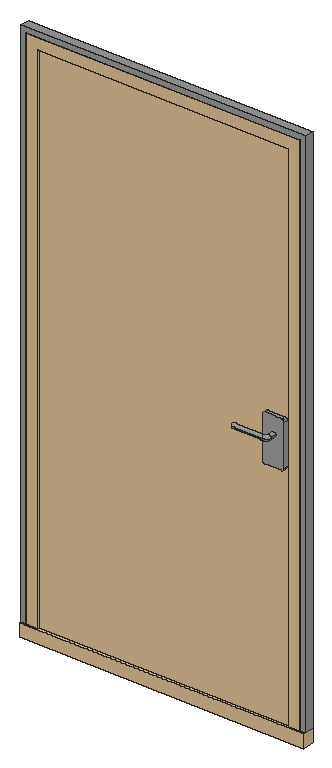
Revit family "AVLN_Дверь_Однопольная_деревянная", category Двери, Revit 2021
Family settings
  Основа = Стена
  Номер OmniClass = 23.30.10.00
  Заголовок OmniClass = Doors
  Всегда вертикально = Да
  При загрузке вырезать с полостями = Нет
  Общий = Нет
  Точка принадлежности помещению = Нет
Parameters (values of type "1100х2070(h)_П_ПУИ")
  Ширина полотна [instance] = Width - Монтажный зазор * 2 - Коробка толщина * 2  # 990 mm
  Тонкая линия проема = yes
  Толщина = 30 mm  # constant formula
  Тип конструкций = "Дверь деревянная"
  Стекло.Толщина = 15 mm
  Стекло.Отступ.Снизу = 1200 mm
  Стекло.Отступ.Слева/Справа = 100 mm
  Стекло.Отступ.Сверху = 100 mm
  Стекло = not([Глухая/Остекленная])  # no
  С1 [instance] = if(Смещение проема = 0 mm, 10 mm, 0 mm)  # 0 mm
  Порог_наружный_смещение [instance] = 17.5 mm
  Порог_внутренний_смещение [instance] = 42.5 mm
  Порог_внутренний [instance] = yes
  Порог [instance] = yes
  Определить тепловые свойства по = Тип схем
  Описание = "Дверь деревянная глухая межкомнатаная"
  Смещение проема [instance] = 50 mm
  Смещение внутрь = 0 mm
  Ручка смещение = 60 mm  # constant formula
  Ручка высота = 1000 mm  # constant formula
  Рабочая зона = no
  Rough Width = Width - Монтажный зазор * 2  # 1060 mm
  Rough Height = Height - Монтажный зазор  # 2050 mm
  Правая = yes
  Окрывание 30° = yes
  Монтажный зазор = 20 mm  # constant formula
  Матиал_Коробка = ADSK_Древесина_Береза мореная
  Материал_Рабочая зона = none
  Материал_Полотно = ADSK_Древесина_Береза мореная
  Материал_Монтажный зазор = Монтажный зазор
  Материал_Стекло = Остекление
  Материал_Дверной ручки = По умолчанию
  Левая = not(Правая)  # no
  Коробка.Доп.Ширина = 10 mm  # constant formula
  Коробка толщина = 35 mm  # constant formula
  Комментарии к типоразмеру = "Двери внутренние"
  Заполнение под проемом_Видимость [instance] = if(Смещение проема = 0 mm, 1 = 0, 1 = 1)  # yes
  Функция = Внутренние слои
  Model = ""
  Глухая = [Глухая/Остекленная]  # yes
  Глухая/Остекленная = yes
  Height = 2070 mm
  Замыкание стены = По основе
  Width = 1100 mm
  Аналитическая конструкция = "<Нет>"
  АВЛН_Проем_Ширина [instance] = Width  # 1100 mm
  АВЛН_Проем_Высота [instance] = Height + Смещение проема  # 2120 mm
  ADSK_Примечание [instance] = ""
  ADSK_Позиция [instance] = ""
  ADSK_Обозначение = "ГОСТ 475-2016"
  ADSK_Наименование = "ГОСТ 475-2016"
  ADSK_Масса = 0
  ADSK_Марка [instance] = ""
  ADSK_Количество [instance] = 0
  ADSK_Единица измерения [instance] = ""
Types (3, lengths in mm): name | Правая | Левая | Комментарии к типоразмеру | Model | ADSK_Обозначение
  1100х2070(h)_П_ПУИ | yes | no | "Двери внутренние" | "" | "ГОСТ 475-2016"
  1100х2070(h)_П | yes | no | "Дверь с/у БКТ" | "Дверь" | "ДМ 1 Рл Г ПрБ Мд1"
  1100х2070(h)_Л | no | yes | "Дверь с/у БКТ" | "Дверь" | "ДМ 1 Рл Г ПрБ Мд1"
Reference planes
  plane 1: y = 0
  plane 2 "По центру (Влево/Вправо)": x = 0
  plane 3 "Слева": x = -550
  plane 4 "Справа": x = 550
  plane 5: z = 2070
  plane 6 "Наружный": y = 150
  plane 7 "Внутренние": y = -150
  plane 8: z = -50
  plane 9: x = -530
  plane 10: x = 530
  plane 11: x = 495
  plane 12: x = -495
  plane 13: z = 2050
  plane 14: z = 2015
  plane 15 "Полотно_Н": y = 150
  plane 16 "Полотно_В": y = 120
  plane 17: z = -100
  plane 18: x = -435
  plane 19: x = 435
  plane 20: z = 1000
  plane 21: z = 1035
  plane 22 "Короб_В": y = 115
  plane 23: x = -485
  plane 24: x = 485
  plane 25: z = 2005
  plane 26: y = 1250
  plane 27: x = 395
  plane 28: z = 1915
  plane 29: x = -395
  plane 30: z = 1200
  plane 31: y = 135
  plane 32: y = 142.5
  plane 33: y = 127.5
  plane 34: y = 167.5
  plane 35: y = -192.5
  plane 36: z = -50
Forms (mm)
  Extrusion 1, solid, material "ADSK_Древесина_Береза мореная" <- "Материал_Полотно", visible <- "Стекло", detail levels fine
    sketch origin (0, 150, 0) x (1, 0, 0) y (0, 0, 1)
      loop
        line (495, 2015) -> (-495, 2015) -> (-495, 0) -> (495, 0) -> (495, 2015)
      loop
        line (395, 1915) -> (-395, 1915) -> (-395, 1200) -> (395, 1200) -> (395, 1915)
    from 0 to 30
  Extrusion 2, solid, material "ADSK_Древесина_Береза мореная" <- "Матиал_Коробка", visible <- "Заполнение под проемом_Видимость", detail levels fine
    sketch origin (0, 150, 0) x (1, 0, 0) y (0, 0, 1)
      loop
        line (550, 0) -> (-550, 0) -> (-550, -50) -> (550, -50) -> (550, 0)
    from 0 to 40
  Extrusion 3, solid, material "Монтажный зазор" <- "Материал_Монтажный зазор"
    sketch origin (0, -150, 0) x (1, 0, 0) y (0, 0, 1)
      loop
        line (-550, 0) -> (-530, 0) -> (-530, 2050) -> (530, 2050) -> (530, 0) -> (550, 0) -> (550, 2070) -> (-550, 2070) -> (-550, 0)
    from -300 to -265
  Sweep 4, solid, material "ADSK_Древесина_Береза мореная" <- "Матиал_Коробка"
    path origin (0, 150, 0) x (-1, 0, 0) y (0, 0, 1)
      loop
        line (495, 0) -> (495, 2015) -> (-495, 2015) -> (-495, 0)
    profile origin (-495, 150, 1007.5) x (0, 1, 0) y (-1, 0, 0)
      loop
        line (0, 35) -> (-35, 35) -> (-35, -10) -> (-30, -10) -> (-30, 0) -> (0, 0) -> (0, 35)
  Extrusion 5, void
    sketch origin (0, 0, 0) x (1, 0, 0) y (0, 1, 0)
      loop
        line (-550, 1250) -> (-550, 150) -> (550, 150) -> (550, 1250) -> (-550, 1250)
    from 0 to 2070
  Extrusion 6, solid, material "Остекление" <- "Материал_Стекло", visible <- "Стекло", detail levels fine
    sketch origin (0, 150, 0) x (1, 0, 0) y (0, 0, 1)
      loop
        line (395, 1915) -> (-395, 1915) -> (-395, 1200) -> (395, 1200) -> (395, 1915)
    from 7.5 to 22.5
  Extrusion 7, solid, material "ADSK_Древесина_Береза мореная" <- "Материал_Полотно", visible <- "Глухая"
    sketch origin (0, 150, 0) x (1, 0, 0) y (0, 0, 1)
      loop
        line (495, 2015) -> (-495, 2015) -> (-495, 0) -> (495, 0) -> (495, 2015)
    from 0 to 30
Lines and regions (mm)
  Opening 1
    outline origin (-3050, -150, 0) x (1, 0, 0) y (0, 0, 1)
      loop
        line (2500, -50) -> (3600, -50) -> (3600, 2070) -> (2500, 2070) -> (2500, -50)
  Masking region 1, visible <- "Тонкая линия проема"
    outline origin (95, 0, 0) x (1, 0, 0) y (0, 1, 0)
      loop
        line (-623.555, 160) -> (-645, 150) -> (-645, -150) -> (-645, -175) -> (455, -175) -> (455, -150) -> (455, 150) -> (440.719, 160) -> (-623.555, 160)
  model lines, style "Открывание_Внутрь", visible <- "Левая"
    curve 1: line (485, 120, 2005) -> (-485, 120, 1035)
    curve 2: line (-485, 120, 1035) -> (485, 120, 0)
  model lines, style "Открывание_Внутрь", visible <- "Правая"
    curve 3: line (-485, 120, 0) -> (485, 120, 1035)
    curve 4: line (485, 120, 1035) -> (-485, 120, 2005)
  model lines, style "Открывание_Наружу", visible <- "Правая"
    curve 5: line (-495, 150, 0) -> (485, 150, 1035)
    curve 6: line (485, 150, 1035) -> (-495, 150, 2015)
  model lines, style "Открывание_Наружу", visible <- "Левая"
    curve 7: line (495, 150, 2015) -> (-485, 150, 1035)
    curve 8: line (-485, 150, 1035) -> (495, 150, 0)
  model lines, style "Рабочая зона", visible <- "Рабочая зона"
    curve 9: line (-550, 150, 0) -> (-550, 1250, 0)
    curve 10: line (-550, 1250, 0) -> (550, 1250, 0)
    curve 11: line (550, 150, 0) -> (550, 1250, 0)
  symbolic lines, style "Порог", visible <- "Порог"
    curve 12: line (-550, 167.5, 0) -> (550, 167.5, 0)
  symbolic lines, style "Порог", visible <- "Порог_внутренний"
    curve 13: line (-550, -192.5, 0) -> (550, -192.5, 0)
Text (mm)
  text "Наружный" at (-2295.016, 1099.543, 0), in view "Опорный уровень"
  text "Наружный" at (0, 1615.38, 3698.081), in view "Слева"
  text "Наружный" at (0, 1036.032, 3874.932), in view "Справа"
Dimensions and locks
  equal spacing: plane 3 "Слева", plane 2 "По центру (Влево/Вправо)", plane 4 "Справа"
  "Width": plane 3 "Слева" to plane 4 "Справа"
  host wall to plane 5 = 2534.966 mm  (x2)
  locked: plane 6 "Наружный" to host wall
  locked: plane 7 "Внутренние" to host wall
  plane 8 to level = 50 mm
  "Height": level to plane 5
  "Монтажный зазор": plane 3 "Слева" to plane 9
  "Монтажный зазор": plane 10 to plane 4 "Справа"
  "Смещение внутрь": plane 15 "Полотно_Н" to plane 6 "Наружный"
  "Толщина": plane 15 "Полотно_Н" to plane 16 "Полотно_В"
  level to plane 17 = 100 mm
  "Монтажный зазор": plane 13 to plane 5
  "Коробка толщина": plane 14 to plane 13
  "Коробка толщина": plane 12 to plane 9
  "Коробка толщина": plane 11 to plane 10
  "Смещение проема": level to plane 8
  "Ручка высота": level to plane 20
  "Ручка смещение": plane 12 to plane 18
  "Ручка смещение": plane 19 to plane 11
  equal spacing: level, plane 21, plane 5
  equal spacing: plane 7 "Внутренние", plane 1, plane 6 "Наружный"
  "Коробка толщина": plane 15 "Полотно_Н" to plane 22 "Короб_В"
  "Коробка.Доп.Ширина": plane 12 to plane 23
  "Коробка.Доп.Ширина": plane 24 to plane 11
  "Коробка.Доп.Ширина": plane 14 to plane 25
  "Width": plane 26 to plane 15 "Полотно_Н"
  "Стекло.Отступ.Слева/Справа": plane 27 to plane 11
  "Стекло.Отступ.Слева/Справа": plane 12 to plane 29
  "Стекло.Отступ.Сверху": plane 28 to plane 14
  "Стекло.Отступ.Снизу": level to plane 30
  equal spacing: plane 15 "Полотно_Н", plane 31, plane 16 "Полотно_В"
  equal spacing: plane 33, plane 31, plane 32
  "Стекло.Толщина": plane 33 to plane 32
  "Порог_внутренний_смещение": plane 35 to plane 7 "Внутренние"
  "Порог_наружный_смещение": plane 34 to plane 15 "Полотно_Н"
  "С1": plane 8 to plane 36
  aligned and locked: plane 3 "Слева" to Opening 1 sketch curve
  aligned and locked: Opening 1 sketch curve to plane 4 "Справа"
  aligned and locked: plane 1 to host wall
  aligned and locked: plane 8 to Opening 1 sketch curve
  aligned and locked: Extrusion 1 to plane 16 "Полотно_В"
  aligned and locked: plane 15 "Полотно_Н" to Extrusion 1
  aligned and locked: level to Extrusion 2 sketch curve
  aligned and locked: Extrusion 2 sketch curve to plane 4 "Справа"
  aligned and locked: Extrusion 2 sketch curve to host wall
  aligned and locked: nested 1 to plane 16 "Полотно_В"
  aligned and locked: nested 2 to plane 15 "Полотно_Н"
  aligned and locked: plane 15 "Полотно_Н" to nested 4
  aligned and locked: plane 16 "Полотно_В" to nested 3
  aligned and locked: plane 5 to Opening 1 sketch curve
  aligned and locked: plane 14 to Extrusion 1 sketch curve
  aligned and locked: Extrusion 3 sketch curve to plane 4 "Справа"
  aligned and locked: Extrusion 3 sketch curve to plane 10
  aligned and locked: Extrusion 3 sketch curve to plane 5
  aligned and locked: Extrusion 3 sketch curve to plane 13
  aligned and locked: plane 3 "Слева" to Extrusion 3 sketch curve
  aligned and locked: plane 9 to Extrusion 3 sketch curve
  aligned and locked: Extrusion 3 sketch curve to level  (x2)
  aligned and locked: nested 2 to plane 20
  aligned and locked: plane 20 to nested 4
  aligned and locked: plane 20 to nested 1
  aligned and locked: nested 3 to plane 20
  aligned and locked: plane 19 to nested 4
  aligned and locked: plane 18 to nested 2
  aligned and locked: nested 3 to plane 19
  aligned and locked: nested 1 to plane 18
  aligned and locked: nested 5 to plane 4 "Справа"
  aligned and locked: nested 5 to plane 3 "Слева"
  aligned and locked: nested 5 to plane 15 "Полотно_Н"
  aligned and locked: nested 6 to plane 3 "Слева"
  aligned and locked: nested 6 to plane 4 "Справа"
  aligned and locked: plane 15 "Полотно_Н" to nested 6
  aligned and locked: Extrusion 3 to plane 22 "Короб_В"
  aligned and locked: plane 15 "Полотно_Н" to Extrusion 3
  aligned and locked: plane 11 to Sweep 4 sketch curve
  aligned and locked: plane 14 to Sweep 4 sketch curve
  aligned and locked: plane 12 to Sweep 4 sketch curve  (x2)
  aligned and locked: plane 15 "Полотно_Н" to Sweep 4 sketch curve
  aligned and locked: plane 9 to Sweep 4 sketch curve
  aligned and locked: plane 23 to Sweep 4 sketch curve
  aligned and locked: plane 22 "Короб_В" to Sweep 4 sketch curve
  aligned and locked: plane 16 "Полотно_В" to Sweep 4 sketch curve
  aligned and locked: level to Sweep 4 sketch curve  (x2)
  aligned and locked: plane 23 to curve 4
  aligned and locked: plane 25 to curve 4
  aligned and locked: plane 25 to curve 1
  aligned and locked: plane 24 to curve 1
  aligned and locked: plane 23 to curve 1
  aligned and locked: plane 21 to curve 2
  aligned and locked: plane 24 to curve 4
  aligned and locked: plane 21 to curve 3
  aligned and locked: Sweep 4 to curve 3
  aligned and locked: level to curve 3
  aligned and locked: Sweep 4 to curve 2
  aligned and locked: level to curve 2
  aligned and locked: curve 9 to plane 3 "Слева"
  aligned and locked: curve 10 to plane 26
  aligned and locked: curve 11 to plane 4 "Справа"
  aligned and locked: plane 15 "Полотно_Н" to curve 9
  aligned and locked: plane 15 "Полотно_Н" to curve 11
  aligned and locked: Extrusion 5 sketch curve to plane 26
  aligned and locked: Extrusion 5 sketch curve to plane 3 "Слева"
  aligned and locked: Extrusion 5 sketch curve to plane 15 "Полотно_Н"
  aligned and locked: Extrusion 5 sketch curve to plane 4 "Справа"
  aligned and locked: Extrusion 5 to plane 5
  aligned and locked: plane 28 to Extrusion 1 sketch curve
  aligned and locked: Extrusion 1 sketch curve to plane 27
  aligned and locked: Extrusion 1 sketch curve to plane 30
  aligned and locked: Extrusion 1 sketch curve to plane 29
  aligned and locked: plane 27 to Extrusion 6 sketch curve
  aligned and locked: plane 28 to Extrusion 6 sketch curve
  aligned and locked: Extrusion 6 sketch curve to plane 29
  aligned and locked: plane 30 to Extrusion 6 sketch curve
  aligned and locked: plane 33 to Extrusion 6
  aligned and locked: plane 32 to Extrusion 6
  aligned and locked: plane 11 to Extrusion 7 sketch curve
  aligned and locked: plane 14 to Extrusion 7 sketch curve
  aligned and locked: plane 12 to Extrusion 7 sketch curve
  aligned and locked: level to Extrusion 7 sketch curve
  aligned and locked: plane 15 "Полотно_Н" to Extrusion 7
  aligned and locked: Extrusion 7 to plane 16 "Полотно_В"
  aligned and locked: curve 6 to curve 4
  aligned and locked: curve 8 to curve 2
  aligned and locked: host wall to Masking region 1 sketch curve  (x4)
  aligned and locked: plane 4 "Справа" to Masking region 1 sketch curve
  aligned and locked: plane 4 "Справа" to curve 13
  aligned and locked: plane 4 "Справа" to curve 12
  aligned and locked: plane 3 "Слева" to curve 12
  aligned and locked: plane 3 "Слева" to curve 13
  aligned and locked: curve 13 to plane 35
  aligned and locked: curve 12 to plane 34
  aligned and locked: Extrusion 2 to plane 36
Automatic sketch dimensions
  plane 12 to Extrusion 1 sketch curve = 0 mm
  plane 11 to Extrusion 1 sketch curve = 0 mm
  Extrusion 1 sketch curve to level = 0 mm
  plane 17 to Extrusion 2 sketch curve = 50 mm
  plane 11 to curve 7 = 0 mm
  curve 8 to level = 0 mm
  plane 11 to curve 8 = 0 mm
  curve 6 to plane 21 = 0 mm
  curve 7 to plane 23 = 0 mm
  plane 12 to curve 6 = 0 mm
  curve 5 to level = 0 mm
  plane 12 to curve 5 = 0 mm
  curve 7 to plane 14 = 0 mm
  curve 6 to plane 14 = 0 mm
  Masking region 1 sketch curve to plane 3 "Слева" = 0 mm
  plane 10 to Masking region 1 sketch curve = 5.719 mm
  host wall to Masking region 1 sketch curve = 25 mm
  host wall to Masking region 1 sketch curve = 10 mm
  plane 9 to Masking region 1 sketch curve = 1.445 mm
Nested families
  nested 1: "Дв_Дверная ручка" at (-435, 120, -40), visible <- "Левая", type "Дв_Дверная ручка", detail levels fine
    with Высота расположения дверной ручки 1040 mm
  nested 2: "Дв_Дверная ручка" at (-435, 150, -40), visible <- "Левая", type "Дв_Дверная ручка", detail levels fine
    with Высота расположения дверной ручки 1040 mm
  nested 3: "Дв_Дверная ручка" at (435, 120, -40) x (-1, 0, 0) z (0, 0, 1), visible <- "Правая", type "Дв_Дверная ручка", detail levels fine
    with Высота расположения дверной ручки 1040 mm
  nested 4: "Дв_Дверная ручка" at (435, 150, -40) x (-1, 0, 0) z (0, 0, 1), visible <- "Правая", type "Дв_Дверная ручка", detail levels fine
    with Высота расположения дверной ручки 1040 mm
  nested 5: "АС-Однопольная-Обозначение на плане" at (0, 150, -50), Width <- "Width", Толщина <- "Толщина", Коробка.Толщина <- "Коробка толщина", Height <- "АВЛН_Проем_Высота", Полотно.Ширина <- "Ширина полотна", Rough Width <- "Rough Width", visible <- "Левая", Коробка.Ширина <- "Коробка.Доп.Ширина", type "АС-Стандарт"
    with Width 1100 mm, Толщина 30 mm, Rough Width 1060 mm, Полотно.Ширина 990 mm, Коробка.Ширина 10 mm, Коробка.Толщина 35 mm, Height 2120 mm
  nested 6: "АС-Однопольная-Обозначение на плане" at (0, 150, -50) x (-1, 0, 0) z (0, 0, 1), Width <- "Width", Толщина <- "Толщина", Коробка.Толщина <- "Коробка толщина", Height <- "АВЛН_Проем_Высота", Полотно.Ширина <- "Ширина полотна", Rough Width <- "Rough Width", visible <- "Правая", Коробка.Ширина <- "Коробка.Доп.Ширина", type "АС-Стандарт"
    with Width 1100 mm, Толщина 30 mm, Rough Width 1060 mm, Полотно.Ширина 990 mm, Коробка.Ширина 10 mm, Коробка.Толщина 35 mm, Height 2120 mm
Definition of nested family "Дв_Дверная ручка"
  Parameters (values of type "Дв_Дверная ручка")
    Материал дверной ручки = none
    Высота расположения дверной ручки [instance] = 1040 mm
    Analytic Construction = "<Нет>"
  Reference planes
    plane 1 "По центру (Вперед/Назад)": y = 0
    plane 2: z = 0
    plane 3 "По центру (Влево/Вправо)": x = 0
    plane 4: z = 1040
    plane 5: x = -41.434
    plane 6: x = 41.434
    plane 7: z = 1106.663
    plane 8: z = 926.663
    plane 9: y = -15
  Forms (mm)
    Extrusion 1, solid, material <- "Материал дверной ручки"
      sketch origin (0, 0, 0) x (1, 0, 0) y (0, 0, 1)
        loop
          arc (-31.434, 1106.663) -> (-38.505, 1103.734) -> (-41.434, 1096.663) r 10
          line (-41.434, 1096.663) -> (-41.434, 936.663)
          arc (-41.434, 936.663) -> (-38.505, 929.591) -> (-31.434, 926.663) r 10
          line (-31.434, 926.663) -> (31.434, 926.663)
          arc (31.434, 926.663) -> (38.505, 929.591) -> (41.434, 936.663) r 10
          line (41.434, 936.663) -> (41.434, 1096.663)
          arc (41.434, 1096.663) -> (38.505, 1103.734) -> (31.434, 1106.663) r 10
          line (31.434, 1106.663) -> (-31.434, 1106.663)
      from 0 to 15
    Sweep 2, solid, material <- "Материал дверной ручки"
      path origin (0, 0, 0) x (1, 0, 0) y (0, 1, 0)
        loop
          line (0, -15) -> (0, -38.261)
          arc (0, -38.261) -> (2.929, -45.332) -> (10, -48.261) r 10
          line (10, -48.261) -> (130, -48.261)
      profile origin (0, -26.63, 0) x (1, 0, 0) y (0, 0, 1)
        loop
          circle (0, 1040) r 8
  Dimensions and locks
    "Высота расположения дверной ручки": plane 4 to level
    plane 7 to plane 8 = 180 mm
    plane 6 to plane 5 = 82.868 mm
    equal spacing: plane 6, plane 3 "По центру (Влево/Вправо)", plane 5
    locked: plane 1 "По центру (Вперед/Назад)" to plane 9 at 15
    aligned and locked: level to plane 2
    aligned and locked: Extrusion 1 sketch curve to plane 7
    aligned and locked: plane 5 to Extrusion 1 sketch curve
    aligned and locked: plane 8 to Extrusion 1 sketch curve
    aligned and locked: Extrusion 1 sketch curve to plane 6
    aligned and locked: Extrusion 1 to plane 1 "По центру (Вперед/Назад)"
    aligned and locked: plane 4 to Sweep 2
  Automatic sketch dimensions
    plane 5 to Extrusion 1 sketch curve = 10 mm
    Extrusion 1 sketch curve to Extrusion 1 sketch curve = 10 mm  (x2)
    Extrusion 1 sketch curve to plane 6 = 10 mm
    Sweep 2 sketch curve to plane 3 "По центру (Влево/Вправо)" = 0 mm
    plane 9 to Sweep 2 sketch curve = 0 mm
    Sweep 2 sketch curve to Sweep 2 sketch curve = 10 mm
    Sweep 2 sketch curve to Sweep 2 sketch curve = 23.261 mm
    Sweep 2 sketch curve to Sweep 2 sketch curve = 120 mm
    profile plane to Sweep 2 sketch curve = 0 mm
    level to Sweep 2 sketch curve = 1040 mm
    radius of Sweep 2 sketch curve = 8 mm
Definition of nested family "АС-Однопольная-Обозначение на плане"
  Parameters (values of type "АС-Стандарт")
    Полотно.Ширина [instance] = 900 mm
    Открывание двери 90 = not(Открывание двери 30)  # no
    Открывание двери 30 = yes
    Линия открывания (дуга) = not(Открывание двери 30)  # no
    Коробка.Ширина [instance] = 40 mm
    Коробка.Толщина [instance] = 80 mm
    Width [instance] = 1000 mm
    Thickness [instance] = 40 mm
    Rough Width [instance] = 960 mm
    Height [instance] = 2100 mm
    Default Elevation = 0 mm
    Analytic Construction = "<Нет>"
  Reference planes
    plane 1 "Center (Front/Back)": y = 0
    plane 2: z = 0
    plane 3 "Center (Left/Right)": x = 0
    plane 4 "Полотно.Слева": x = -480
    plane 5 "Полотно справа": x = 480
    plane 6 "Проем.Слева": x = -500
    plane 7 "Проем.Справа": x = 500
    plane 8 "Полотно. Внутренняя сторона": y = -40
    plane 9 "Коробка. Внутренняя сторона": y = -80
    plane 10 "Коробка.Внутренняя сторона слева": x = -450
    plane 11 "Коробка. Внутренняя сторона справа": x = 450
    plane 12 "2": x = -410
    plane 13 "3": x = 410
  Lines and regions (mm)
    Masking region 1, detail levels fine
      outline origin (0, 0, 0) x (1, 0, 0) y (0, 1, 0)
        loop
          line (-500, -80) -> (-480, -80) -> (-480, 0) -> (-500, 0) -> (-500, -80)
    Masking region 2, detail levels fine
      outline origin (0, 0, 0) x (1, 0, 0) y (0, 1, 0)
        loop
          line (500, -80) -> (500, 0) -> (480, 0) -> (480, -80) -> (500, -80)
    Masking region 3, detail levels fine
      outline origin (0, 0, 0) x (1, 0, 0) y (0, 1, 0)
        loop
          line (-480, 0) -> (-480, -80) -> (-410, -80) -> (-410, -40) -> (-450, -40) -> (-450, 0) -> (-480, 0)
    Masking region 4, detail levels fine
      outline origin (0, 0, 0) x (1, 0, 0) y (0, 1, 0)
        loop
          line (480, 0) -> (450, 0) -> (450, -40) -> (410, -40) -> (410, -80) -> (480, -80) -> (480, 0)
    Masking region 5, visible <- "Открывание двери 90", detail levels fine
      outline origin (0, 0, 0) x (1, 0, 0) y (0, 1, 0)
        loop
          line (450, 0) -> (450, 900) -> (410, 900) -> (410, 0) -> (450, 0)
    Masking region 6, visible <- "Открывание двери 30", detail levels fine
      outline origin (0, 0, 0) x (1, 0, 0) y (0, 1, 0)
        loop
          line (450, 0) -> (-329.423, 450) -> (-349.423, 415.359) -> (430, -34.641) -> (450, 0)
    symbolic lines, visible <- "Открывание двери 30", detail levels coarse+medium
      curve 1: line (500, 0, 0) -> (-366.025, 500, 0)
    symbolic lines, visible <- "Открывание двери 90", detail levels coarse+medium
      curve 2: line (500, 0, 0) -> (500, 1000, 0)
    symbolic lines, visible <- "Линия открывания (дуга)", detail levels coarse+medium
      curve 3: arc (500, 1000, 0) -> (-207.107, 707.107, 0) -> (-500, 0, 0) r 1000
    symbolic lines, visible <- "Линия открывания (дуга)", detail levels fine
      curve 4: arc (-450, 0, 0) -> (-186.396, 636.396, 0) -> (450, 900, 0) r 900
    model lines, not visible
      curve 5: line (0, 0, 0) -> (0, 0, 2100)
  Dimensions and locks
    "Thickness": plane 1 "Center (Front/Back)" to plane 8 "Полотно. Внутренняя сторона"  (x2)
    equal spacing: plane 4 "Полотно.Слева", plane 3 "Center (Left/Right)", plane 5 "Полотно справа"
    equal spacing: plane 6 "Проем.Слева", plane 3 "Center (Left/Right)", plane 7 "Проем.Справа"
    "Width": plane 6 "Проем.Слева" to plane 7 "Проем.Справа"
    "Rough Width": plane 4 "Полотно.Слева" to plane 5 "Полотно справа"
    plane 1 "Center (Front/Back)" to plane 9 "Коробка. Внутренняя сторона" = 80 mm
    "Коробка.Толщина": plane 9 "Коробка. Внутренняя сторона" to plane 1 "Center (Front/Back)"
    equal spacing: plane 10 "Коробка.Внутренняя сторона слева", plane 3 "Center (Left/Right)", plane 11 "Коробка. Внутренняя сторона справа"
    "Полотно.Ширина": plane 10 "Коробка.Внутренняя сторона слева" to plane 11 "Коробка. Внутренняя сторона справа"
    "Width": curve 1 to curve 1
    "Width": plane 1 "Center (Front/Back)" to curve 2
    "Коробка.Ширина": plane 10 "Коробка.Внутренняя сторона слева" to Masking region 3 sketch curve
    "Коробка.Ширина": Masking region 4 sketch curve to Masking region 4 sketch curve
    "Полотно.Ширина": plane 1 "Center (Front/Back)" to Masking region 5 sketch curve
    "Thickness": Masking region 5 sketch curve to plane 11 "Коробка. Внутренняя сторона справа"
    "Полотно.Ширина": Masking region 6 sketch curve to Masking region 6 sketch curve
    "Thickness": Masking region 6 sketch curve to Masking region 6 sketch curve
    "Height": curve 5 to level
    "Thickness": Masking region 5 to plane 11 "Коробка. Внутренняя сторона справа"
    "Thickness": Masking region 6 to Masking region 6
    "Коробка.Ширина": plane 10 "Коробка.Внутренняя сторона слева" to plane 12 "2"
    "Коробка.Ширина": plane 13 "3" to plane 11 "Коробка. Внутренняя сторона справа"
    "Width": radius of curve 3
    "Полотно.Ширина": radius of curve 4
    locked: curve 1 to plane 1 "Center (Front/Back)" (angle 30.00°)
    locked: Masking region 6 sketch curve to plane 1 "Center (Front/Back)" (angle 30.00°)
    aligned and locked: level to plane 2
    aligned and locked: plane 7 "Проем.Справа" to curve 2
    aligned and locked: plane 1 "Center (Front/Back)" to curve 2
    aligned and locked: Masking region 1 sketch curve to plane 9 "Коробка. Внутренняя сторона"
    aligned and locked: plane 6 "Проем.Слева" to Masking region 1 sketch curve
    aligned and locked: Masking region 1 sketch curve to plane 1 "Center (Front/Back)"
    aligned and locked: plane 4 "Полотно.Слева" to Masking region 1 sketch curve
    aligned and locked: plane 9 "Коробка. Внутренняя сторона" to Masking region 2 sketch curve
    aligned and locked: Masking region 2 sketch curve to plane 7 "Проем.Справа"
    aligned and locked: plane 1 "Center (Front/Back)" to Masking region 2 sketch curve
    aligned and locked: plane 5 "Полотно справа" to Masking region 2 sketch curve
    aligned and locked: Masking region 3 sketch curve to plane 4 "Полотно.Слева"
    aligned and locked: Masking region 3 sketch curve to plane 10 "Коробка.Внутренняя сторона слева"
    aligned and locked: Masking region 3 sketch curve to plane 1 "Center (Front/Back)"
    aligned and locked: Masking region 3 sketch curve to plane 9 "Коробка. Внутренняя сторона"
    aligned and locked: Masking region 3 sketch curve to plane 8 "Полотно. Внутренняя сторона"
    aligned and locked: Masking region 4 sketch curve to plane 5 "Полотно справа"
    aligned and locked: Masking region 4 sketch curve to plane 11 "Коробка. Внутренняя сторона справа"
    aligned and locked: Masking region 4 sketch curve to plane 9 "Коробка. Внутренняя сторона"
    aligned and locked: Masking region 4 sketch curve to plane 8 "Полотно. Внутренняя сторона"
    aligned and locked: Masking region 4 sketch curve to plane 1 "Center (Front/Back)"
    aligned and locked: curve 4 to Masking region 3
    aligned and locked: plane 11 "Коробка. Внутренняя сторона справа" to curve 4
    aligned and locked: Masking region 4 to Masking region 5 sketch curve
    aligned and locked: Masking region 5 sketch curve to Masking region 4
    aligned and locked: plane 11 "Коробка. Внутренняя сторона справа" to Masking region 6 sketch curve
    aligned and locked: plane 2 to curve 5
    aligned and locked: plane 3 "Center (Left/Right)" to curve 5
    aligned and locked: plane 11 "Коробка. Внутренняя сторона справа" to Masking region 5
    aligned and locked: plane 1 "Center (Front/Back)" to Masking region 5
  Automatic sketch dimensions
    plane 1 "Center (Front/Back)" to Masking region 6 sketch curve = 0 mm
